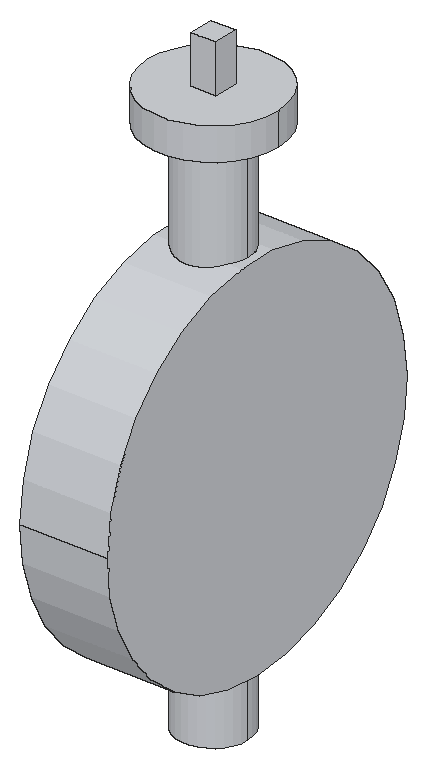
Revit family "HS497-68_disk-nerez_volné vřeteno DN200-RFA_2018", category Pipe Accessories, Revit 2018
Family settings
  Round Connector Dimension = Use Diameter
  Part Type = Valve - Breaks Into
  Work Plane-Based = No
  Always vertical = Yes
  Cut with Voids When Loaded = No
  Shared = No
Parameters (values of type "HS 497-68_DN200_PN16_volné vřeteno")
  magiProductId = "5b29029eaeba47139ee1055a4b9201"
  magiProductFamilyId = "53cea81e6f374d17b8841d9c72ad77"
  magiPartTypeId = 305
  isMeasuringValve [instance] = no
  ang2D [instance] = 0.00°
  X11 = 61.456 mm
  X1 = 25.456 mm
  W2D = 1000 mm
  VersionID = "2.0/2017.9.26.1/ZETKAMA_497_001"
  Use Minimum Symbol Size [instance] = yes
  URL = "http://www.hydronic.cz"
  Type Comments = "mezipřírubová; nerezový disk; PN16; -10~+110°C (krátkodobě +120°C)"
  SW30 = no
  SW3 = no
  SW21 = no
  SW20 = no
  SW2 = no
  SW1 = yes
  R = 100 mm
  QmdConnectorList = "301;D;302;D"
  Productdata [instance] = ""
  NC = 50 mm
  Manufacturer = "Hydronic Systems Prague s.r.o."
  MM20 = 25.456 mm
  MC Product Code = "124 200 (nerezový disk, s volným vřetenem; DN200; PN16, kvs2675)"
  M41 = 66 mm
  M4 = 44 mm
  LHL = 220 mm
  LHH3 = 2.45 mm
  LHH1 = 46.55 mm
  LH1 = 73.333 mm
  L4R__ve = -L4R  # -12.8 mm
  L4R = 12.8 mm
  L42__ve = -L42  # -96 mm
  L42 = 96 mm
  L41__ve = -L41  # -19.2 mm
  L41 = 19.2 mm
  L2D_Min = 3048 mm
  L2D = 216 mm
  L2 = 30 mm
  L1 = 48 mm
  L = 60 mm
  H = 33 mm
  G22 = 11.25 mm
  G2 = 22.5 mm
  G1 = 90 mm
  G = 90 mm
  F = 17 mm
  E44 = 31.25 mm
  E42 = 62.5 mm
  E4 = 125 mm
  E23 = 4.9 mm
  E22 = 19.6 mm
  E21 = 9.8 mm
  Description = "Mezipřírubová uzavírací klapka s volným vřetenem; nerezový disk, DN200; PN16; kvs2675"
  DR2 = 100 mm
  DR = 257 mm
  DD1 = 15.625 mm
  DD = 12.5 mm
  D = 200 mm
  CAT0 = yes
  B2__ve = -B2  # -70 mm
  B2 = 70 mm
  A2 = 22.5 mm
  A1 = 102.5 mm
Types (43, lengths in mm): name | magiProductId | X11 | X1 | Type Comments | SW30 | SW3 | SW20 | SW2 | SW1 | R | NC | Manufacturer | MM20 | MC Product Code | M41 | M4 | LHL | LHH3 | LHH1 | LH1 | L4R__ve | L4R | L42__ve | L42 | L41__ve | L41 | L2 | L1 | L | H | G | F | E44 | E42 | E4 | E23 | E22 | E21 | Description | DR2 | DR | DD1 | DD | D | B2__ve | B2 | A2 | A1
  HS 497-68_DN100_PN16_volné vřeteno | "65d1b245f4f142c78569c0602d5754" | 61.456 | 25.456 | "mezipřírubová; nerezový disk; PN16; -10~+110°C (krátkodobě +120°C)" | no | no | no | no | yes | 50 | 50 | "Hydronic Systems Prague s.r.o." | 25.456 | "124 100 (nerezový disk, s volným vřetenem; DN100; PN16, kvs512)" | 66 | 44 | 220 | 2.45 | 46.55 | 73.333 | -12.8 | 12.8 | -96 | 96 | -19.2 | 19.2 | 26 | 41.6 | 52 | 30 | 90 | 11 | 31.25 | 62.5 | 125 | 4.9 | 19.6 | 9.8 | "Mezipřírubová uzavírací klapka s volným vřetenem; nerezový disk, DN100; PN16; kvs512" | 50 | 147 | 15.625 | 12.5 | 100 | -56 | 56 | 16.5 | 98.5
  HS 497-68_DN100_PN16_převodové kolo | "11e91b807e674d428c8e796fcdcfe2" | 61.456 | 25.456 | "mezipřírubová; nerezový disk; PN16; -10~+110°C (krátkodobě +120°C)" | yes | yes | no | no | no | 50 | 50 | "Hydronic Systems Prague s.r.o." | 25.456 | "126 100 (nerezový disk, s převodovým kolem; DN100; PN16, kvs512)" | 65.25 | 43.5 | 220 | 2.45 | 46.55 | 73.333 | -12.8 | 12.8 | -96 | 96 | -19.2 | 19.2 | 26 | 41.6 | 52 | 30 | 90 | 11 | 31.25 | 62.5 | 125 | 4.9 | 19.6 | 9.8 | "Mezipřírubová uzavírací klapka s převodovým kolem; nerezový disk, DN100; PN16; kvs512" | 50 | 147 | 15.625 | 12.5 | 100 | -56 | 56 | 16.5 | 98.5
  HS 497-68_DN100_PN16_s pákou | "28172f0b3f4b47b28323ac71cf8749" | 61.456 | 25.456 | "mezipřírubová; nerezový disk; PN16; -10~+110°C (krátkodobě +120°C)" | no | no | yes | yes | no | 50 | 50 | "Hydronic Systems Prague s.r.o." | 25.456 | "121 100 (nerezový disk, s pákou; DN100; PN16, kvs512)" | 66 | 44 | 260 | 3 | 57 | 86.667 | -12.8 | 12.8 | -96 | 96 | -19.2 | 19.2 | 26 | 41.6 | 52 | 30 | 90 | 11 | 31.25 | 62.5 | 125 | 6 | 24 | 12 | "Mezipřírubová uzavírací klapka s pákou; nerezový disk, DN100; PN16; kvs512" | 50 | 147 | 15.625 | 12.5 | 100 | -56 | 56 | 16.5 | 98.5
  HS 497-68_DN125_PN16_volné vřeteno | "0d813d910fc14f628bb3c2efbd185c" | 61.456 | 25.456 | "mezipřírubová; nerezový disk; PN16; -10~+110°C (krátkodobě +120°C)" | no | no | no | no | yes | 62.5 | 50 | "Hydronic Systems Prague s.r.o." | 25.456 | "124 125 (nerezový disk, s volným vřetenem; DN125; PN16, kvs872)" | 66 | 44 | 220 | 2.45 | 46.55 | 73.333 | -12.8 | 12.8 | -96 | 96 | -19.2 | 19.2 | 28 | 44.8 | 56 | 33 | 90 | 14 | 31.25 | 62.5 | 125 | 4.9 | 19.6 | 9.8 | "Mezipřírubová uzavírací klapka s volným vřetenem; nerezový disk, DN125; PN16; kvs872" | 62.5 | 180 | 15.625 | 12.5 | 125 | -64 | 64 | 18 | 99.5
  HS 497-68_DN125_PN16_převodové kolo | "c56b7c13f372467684996fb1e0e229" | 61.456 | 25.456 | "mezipřírubová; nerezový disk; PN16; -10~+110°C (krátkodobě +120°C)" | yes | yes | no | no | no | 62.5 | 50 | "Hydronic Systems Prague s.r.o." | 25.456 | "126125 (nerezový disk, s převodovým kolem; DN125; PN16, kvs872)" | 65.25 | 43.5 | 220 | 2.45 | 46.55 | 73.333 | -13.5 | 13.5 | -101.25 | 101.25 | -20.25 | 20.25 | 28 | 44.8 | 56 | 33 | 90 | 14 | 40 | 80 | 160 | 4.9 | 19.6 | 9.8 | "Mezipřírubová uzavírací klapka s převodovým kolem; nerezový disk, DN125; PN16; kvs872" | 62.5 | 180 | 20 | 16 | 125 | -64 | 64 | 18 | 99.5
  HS 497-68_DN125_PN16_s pákou | "105993c79a91492399feef7931321a" | 61.456 | 25.456 | "mezipřírubová; nerezový disk; PN16; -10~+110°C (krátkodobě +120°C)" | no | no | yes | yes | no | 62.5 | 50 | "Hydronic Systems Prague s.r.o." | 25.456 | "121 125 (nerezový disk, s pákou; DN125; PN16, kvs872)" | 66 | 44 | 315 | 3.75 | 71.25 | 105 | -12.8 | 12.8 | -96 | 96 | -19.2 | 19.2 | 28 | 44.8 | 56 | 33 | 90 | 14 | 31.25 | 62.5 | 125 | 7.5 | 30 | 15 | "Mezipřírubová uzavírací klapka s pákou; nerezový disk, DN125; PN16; kvs872" | 62.5 | 180 | 15.625 | 12.5 | 125 | -64 | 64 | 18 | 99.5
  HS 497-68_DN150_PN16_volné vřeteno | "50c80cb8ab434f55ab7796e5ac1331" | 61.456 | 25.456 | "mezipřírubová; nerezový disk; PN16; -10~+110°C (krátkodobě +120°C)" | no | no | no | no | yes | 75 | 50 | "Hydronic Systems Prague s.r.o." | 25.456 | "124 150 (nerezový disk, s volným vřetenem; DN150; PN16, kvs1347)" | 66 | 44 | 220 | 2.45 | 46.55 | 73.333 | -12.8 | 12.8 | -96 | 96 | -19.2 | 19.2 | 28 | 44.8 | 56 | 33 | 90 | 14 | 31.25 | 62.5 | 125 | 4.9 | 19.6 | 9.8 | "Mezipřírubová uzavírací klapka s volným vřetenem; nerezový disk, DN150; PN16; kvs1347" | 75 | 206 | 15.625 | 12.5 | 150 | -58 | 58 | 19.3 | 98.7
  HS 497-68_DN150_PN16_převodové kolo | "d94a1a0cf83b476eb10011b327f709" | 61.456 | 25.456 | "mezipřírubová; nerezový disk; PN16; -10~+110°C (krátkodobě +120°C)" | yes | yes | no | no | no | 75 | 50 | "Hydronic Systems Prague s.r.o." | 25.456 | "126 150 (nerezový disk, s převodovým kolem; DN150; PN16, kvs1347)" | 65.25 | 43.5 | 220 | 2.45 | 46.55 | 73.333 | -13.5 | 13.5 | -101.25 | 101.25 | -20.25 | 20.25 | 28 | 44.8 | 56 | 33 | 90 | 14 | 40 | 80 | 160 | 4.9 | 19.6 | 9.8 | "Mezipřírubová uzavírací klapka s převodovým kolem; nerezový disk, DN150; PN16; kvs1347" | 75 | 206 | 20 | 16 | 150 | -58 | 58 | 19.3 | 98.7
  HS 497-68_DN150_PN16_s pákou | "4d2835523fe84828bc50ff0a5a0dfb" | 61.456 | 25.456 | "mezipřírubová; nerezový disk; PN16; -10~+110°C (krátkodobě +120°C)" | no | no | yes | yes | no | 75 | 50 | "Hydronic Systems Prague s.r.o." | 25.456 | "121 150 (nerezový disk, s pákou; DN150; PN16, kvs1347)" | 66 | 44 | 315 | 3.75 | 71.25 | 105 | -12.8 | 12.8 | -96 | 96 | -19.2 | 19.2 | 28 | 44.8 | 56 | 33 | 90 | 14 | 31.25 | 62.5 | 125 | 7.5 | 30 | 15 | "Mezipřírubová uzavírací klapka s pákou; nerezový disk, DN150; PN16; kvs1347" | 75 | 206 | 15.625 | 12.5 | 150 | -58 | 58 | 19.3 | 98.7
  HS 497-68_DN200_PN16_volné vřeteno | "5b29029eaeba47139ee1055a4b9201" | 61.456 | 25.456 | "mezipřírubová; nerezový disk; PN16; -10~+110°C (krátkodobě +120°C)" | no | no | no | no | yes | 100 | 50 | "Hydronic Systems Prague s.r.o." | 25.456 | "124 200 (nerezový disk, s volným vřetenem; DN200; PN16, kvs2675)" | 66 | 44 | 220 | 2.45 | 46.55 | 73.333 | -12.8 | 12.8 | -96 | 96 | -19.2 | 19.2 | 30 | 48 | 60 | 33 | 90 | 17 | 31.25 | 62.5 | 125 | 4.9 | 19.6 | 9.8 | "Mezipřírubová uzavírací klapka s volným vřetenem; nerezový disk, DN200; PN16; kvs2675" | 100 | 257 | 15.625 | 12.5 | 200 | -70 | 70 | 22.5 | 102.5
  HS 497-68_DN200_PN16_převodové kolo | "b2793cc1fcc44cf2a35062cd67c04f" | 61.456 | 25.456 | "mezipřírubová; nerezový disk; PN16; -10~+110°C (krátkodobě +120°C)" | yes | yes | no | no | no | 100 | 57 | "Hydronic Systems Prague s.r.o." | 25.456 | "126 200 (nerezový disk, s převodovým kolem; DN200; PN16, kvs2675)" | 78.75 | 52.5 | 220 | 2.45 | 46.55 | 73.333 | -15.2 | 15.2 | -114 | 114 | -22.8 | 22.8 | 30 | 48 | 60 | 33 | 90 | 17 | 50 | 100 | 200 | 4.9 | 19.6 | 9.8 | "Mezipřírubová uzavírací klapka s převodovým kolem; nerezový disk, DN200; PN16; kvs2675" | 100 | 257 | 25 | 20 | 200 | -70 | 70 | 22.5 | 102.5
  HS 497-68_DN200_PN16_s pákou | "f88d96c7af224537a51e72d7d8fffe" | 61.456 | 25.456 | "mezipřírubová; nerezový disk; PN16; -10~+110°C (krátkodobě +120°C)" | no | no | yes | yes | no | 100 | 50 | "Hydronic Systems Prague s.r.o." | 25.456 | "121 200 (nerezový disk, s pákou; DN200; PN16, kvs2675)" | 66 | 44 | 315 | 3.75 | 71.25 | 105 | -12.8 | 12.8 | -96 | 96 | -19.2 | 19.2 | 30 | 48 | 60 | 33 | 90 | 17 | 31.25 | 62.5 | 125 | 7.5 | 30 | 15 | "Mezipřírubová uzavírací klapka s pákou; nerezový disk, DN200; PN16; kvs2675" | 100 | 257 | 15.625 | 12.5 | 200 | -70 | 70 | 22.5 | 102.5
  HS 497-68_DN250_PN16_volné vřeteno | "b662e8305ca2402b9c510e66e6aa55" | 88.77 | 36.77 | "mezipřírubová; nerezový disk; PN16; -10~+110°C (krátkodobě +120°C)" | no | no | no | no | yes | 125 | 50 | "Hydronic Systems Prague s.r.o." | 36.77 | "124 250 (nerezový disk, s volným vřetenem; DN250; PN16, kvs4555)" | 66 | 44 | 220 | 2.45 | 46.55 | 73.333 | -12.8 | 12.8 | -96 | 96 | -19.2 | 19.2 | 34 | 54.4 | 68 | 23 | 130 | 22 | 31.25 | 62.5 | 125 | 4.9 | 19.6 | 9.8 | "Mezipřírubová uzavírací klapka s volným vřetenem; nerezový disk, DN250; PN16; kvs4555" | 125 | 324 | 15.625 | 12.5 | 250 | -85 | 85 | 28.25 | 129.25
  HS 497-68_DN250_PN16_převodové kolo | "5ee9016806664ddfaa2632711f295c" | 88.77 | 36.77 | "mezipřírubová; nerezový disk; PN16; -10~+110°C (krátkodobě +120°C)" | yes | yes | no | no | no | 125 | 70 | "Hydronic Systems Prague s.r.o." | 36.77 | "126 250 (nerezový disk, s převodovým kolem; DN250; PN16, kvs4555)" | 91.5 | 61 | 220 | 2.45 | 46.55 | 73.333 | -22.2 | 22.2 | -166.5 | 166.5 | -33.3 | 33.3 | 34 | 54.4 | 68 | 23 | 130 | 22 | 62.5 | 125 | 250 | 4.9 | 19.6 | 9.8 | "Mezipřírubová uzavírací klapka s převodovým kolem; nerezový disk, DN250; PN16; kvs4555" | 125 | 324 | 31.25 | 25 | 250 | -85 | 85 | 28.25 | 129.25
  HS 497-68_DN300_PN16_volné vřeteno | "e1886f51ff004380a649519258edf2" | 88.77 | 36.77 | "mezipřírubová; nerezový disk; PN16; -10~+110°C (krátkodobě +120°C)" | no | no | no | no | yes | 150 | 50 | "Hydronic Systems Prague s.r.o." | 36.77 | "124 300 (nerezový disk, s volným vřetenem; DN300; PN16, kvs7037)" | 66 | 44 | 220 | 2.45 | 46.55 | 73.333 | -12.8 | 12.8 | -96 | 96 | -19.2 | 19.2 | 39 | 62.4 | 78 | 23 | 130 | 22 | 31.25 | 62.5 | 125 | 4.9 | 19.6 | 9.8 | "Mezipřírubová uzavírací klapka s volným vřetenem; nerezový disk, DN300; PN16; kvs7037" | 150 | 376 | 15.625 | 12.5 | 300 | -90 | 90 | 30.8 | 127.2
  HS 497-68_DN300_PN16_převodové kolo | "6860f094f77d42088fbebc3c97f755" | 88.77 | 36.77 | "mezipřírubová; nerezový disk; PN16; -10~+110°C (krátkodobě +120°C)" | yes | yes | no | no | no | 150 | 70 | "Hydronic Systems Prague s.r.o." | 36.77 | "126 300 (nerezový disk, s převodovým kolem; DN300; PN16, kvs7037)" | 91.5 | 61 | 220 | 2.45 | 46.55 | 73.333 | -22.2 | 22.2 | -166.5 | 166.5 | -33.3 | 33.3 | 39 | 62.4 | 78 | 23 | 130 | 22 | 62.5 | 125 | 250 | 4.9 | 19.6 | 9.8 | "Mezipřírubová uzavírací klapka s převodovým kolem; nerezový disk, DN300; PN16; kvs7037" | 150 | 376 | 31.25 | 25 | 300 | -90 | 90 | 30.8 | 127.2
  HS 497-68_DN032_PN16_volné vřeteno | "8c5f65de52aa4067a77564107e31b2" | 61.456 | 25.456 | "mezipřírubová; nerezový disk; PN16; -10~+110°C (krátkodobě +120°C)" | no | no | no | no | yes | 16 | 50 | "Hydronic Systems Prague s.r.o." | 25.456 | "124 032 (nerezový disk, s volným vřetenem; DN32; PN16, kvs78)" | 66 | 44 | 220 | 2.45 | 46.55 | 73.333 | -12.8 | 12.8 | -96 | 96 | -19.2 | 19.2 | 16.5 | 26.4 | 33 | 30 | 90 | 11 | 31.25 | 62.5 | 125 | 4.9 | 19.6 | 9.8 | "Mezipřírubová uzavírací klapka s volným vřetenem; nerezový disk, DN32; PN16; kvs78" | 16 | 68 | 15.625 | 12.5 | 32 | -44.2 | 44.2 | 10.25 | 76.25
  HS 497-68_DN032_PN16_převodové kolo | "60aaeffa8b3a4e809ef000e4660060" | 61.456 | 25.456 | "mezipřírubová; nerezový disk; PN16; -10~+110°C (krátkodobě +120°C)" | yes | yes | no | no | no | 16 | 50 | "Hydronic Systems Prague s.r.o." | 25.456 | "126 032 (nerezový disk, s převodovým kolem; DN32; PN16, kvs78)" | 65.25 | 43.5 | 220 | 2.45 | 46.55 | 73.333 | -12.8 | 12.8 | -96 | 96 | -19.2 | 19.2 | 16.5 | 26.4 | 33 | 30 | 90 | 11 | 31.25 | 62.5 | 125 | 4.9 | 19.6 | 9.8 | "Mezipřírubová uzavírací klapka s převodovým kolem; nerezový disk, DN32; PN16; kvs78" | 16 | 68 | 15.625 | 12.5 | 32 | -44.2 | 44.2 | 10.25 | 76.25
  HS 497-68_DN032_PN16_s pákou | "9ad8088d610749a1b871aa2aad8007" | 61.456 | 25.456 | "mezipřírubová; nerezový disk; PN16; -10~+110°C (krátkodobě +120°C)" | no | no | yes | yes | no | 16 | 50 | "Hydronic Systems Prague s.r.o." | 25.456 | "121 032 (nerezový disk, s pákou; DN32; PN16, kvs78)" | 66 | 44 | 220 | 2.45 | 46.55 | 73.333 | -12.8 | 12.8 | -96 | 96 | -19.2 | 19.2 | 16.5 | 26.4 | 33 | 30 | 90 | 11 | 31.25 | 62.5 | 125 | 4.9 | 19.6 | 9.8 | "Mezipřírubová uzavírací klapka s pákou; nerezový disk, DN32; PN16; kvs78" | 16 | 68 | 15.625 | 12.5 | 32 | -44.2 | 44.2 | 10.25 | 76.25
  HS 497-68_DN350_PN10_volné vřeteno | "72a1e05f22944421b7e9596a877137" | 109.255 | 45.255 | "mezipřírubová; nerezový disk; PN10; -10~+110°C (krátkodobě +120°C)" | no | no | no | no | yes | 175 | 50 | "Hydronic Systems Prague s.r.o." | 45.255 | "124 350 (nerezový disk, s volným vřetenem; DN350; PN10, kvs10165)" | 66 | 44 | 220 | 2.45 | 46.55 | 73.333 | -12.8 | 12.8 | -96 | 96 | -19.2 | 19.2 | 39 | 62.4 | 78 | 31 | 160 | 22 | 31.25 | 62.5 | 125 | 4.9 | 19.6 | 9.8 | "Mezipřírubová uzavírací klapka s volným vřetenem; nerezový disk, DN350; PN10; kvs10165" | 175 | 430 | 15.625 | 12.5 | 350 | -88 | 88 | 33.85 | 129.65
  HS 497-68_DN350_PN10_převodové kolo | "a5a01426cb28494ba3afca92f1dace" | 109.255 | 45.255 | "mezipřírubová; nerezový disk; PN10; -10~+110°C (krátkodobě +120°C)" | yes | yes | no | no | no | 175 | 70 | "Hydronic Systems Prague s.r.o." | 45.255 | "126 350 (nerezový disk, s převodovým kolem; DN350; PN10, kvs10165)" | 91.5 | 61 | 220 | 2.45 | 46.55 | 73.333 | -22.2 | 22.2 | -166.5 | 166.5 | -33.3 | 33.3 | 39 | 62.4 | 78 | 31 | 160 | 22 | 62.5 | 125 | 250 | 4.9 | 19.6 | 9.8 | "Mezipřírubová uzavírací klapka s převodovým kolem; nerezový disk, DN350; PN10; kvs10165" | 175 | 430 | 31.25 | 25 | 350 | -88 | 88 | 33.85 | 129.65
  HS 497-68_DN400_PN10_volné vřeteno | "c70ebeb927c04ab99b176e257ad0a7" | 109.255 | 45.255 | "mezipřírubová; nerezový disk; PN10; -10~+110°C (krátkodobě +120°C)" | no | no | no | no | yes | 200 | 50 | "Hydronic Systems Prague s.r.o." | 45.255 | "124 400 (nerezový disk, s volným vřetenem; DN400; PN10, kvs13799)" | 66 | 44 | 220 | 2.45 | 46.55 | 73.333 | -12.8 | 12.8 | -96 | 96 | -19.2 | 19.2 | 51 | 81.6 | 102 | 31 | 160 | 27 | 31.25 | 62.5 | 125 | 4.9 | 19.6 | 9.8 | "Mezipřírubová uzavírací klapka s volným vřetenem; nerezový disk, DN400; PN10; kvs13799" | 200 | 485 | 15.625 | 12.5 | 400 | -108 | 108 | 38 | 142
  HS 497-68_DN400_PN10_převodové kolo | "cc64a4384dcb41b780d81810f4f293" | 109.255 | 45.255 | "mezipřírubová; nerezový disk; PN10; -10~+110°C (krátkodobě +120°C)" | yes | yes | no | no | no | 200 | 72.5 | "Hydronic Systems Prague s.r.o." | 45.255 | "126 400 (nerezový disk, s převodovým kolem; DN400; PN10, kvs13799)" | 103.5 | 69 | 220 | 2.45 | 46.55 | 73.333 | -27.8 | 27.8 | -208.5 | 208.5 | -41.7 | 41.7 | 51 | 81.6 | 102 | 31 | 160 | 27 | 75 | 150 | 300 | 4.9 | 19.6 | 9.8 | "Mezipřírubová uzavírací klapka s převodovým kolem; nerezový disk, DN400; PN10; kvs13799" | 200 | 485 | 37.5 | 30 | 400 | -108 | 108 | 38 | 142
  HS 497-68_DN040_PN16_volné vřeteno | "35f92312390745e88df5b5c325d9ee" | 61.456 | 25.456 | "mezipřírubová; nerezový disk; PN16; -10~+110°C (krátkodobě +120°C)" | no | no | no | no | yes | 20 | 50 | "Hydronic Systems Prague s.r.o." | 25.456 | "124 040 (nerezový disk, s volným vřetenem; DN40; PN16, kvs78)" | 66 | 44 | 220 | 2.45 | 46.55 | 73.333 | -12.8 | 12.8 | -96 | 96 | -19.2 | 19.2 | 16.5 | 26.4 | 33 | 30 | 90 | 11 | 31.25 | 62.5 | 125 | 4.9 | 19.6 | 9.8 | "Mezipřírubová uzavírací klapka s volným vřetenem; nerezový disk, DN40; PN16; kvs78" | 20 | 76 | 15.625 | 12.5 | 40 | -36 | 36 | 11 | 79
  HS 497-68_DN040_PN16_převodové kolo | "d88e968eae3445bc9b7b4e6ff35127" | 61.456 | 25.456 | "mezipřírubová; nerezový disk; PN16; -10~+110°C (krátkodobě +120°C)" | yes | yes | no | no | no | 20 | 50 | "Hydronic Systems Prague s.r.o." | 25.456 | "126 040 (nerezový disk, s převodovým kolem; DN40; PN16, kvs78)" | 65.25 | 43.5 | 220 | 2.45 | 46.55 | 73.333 | -12.8 | 12.8 | -96 | 96 | -19.2 | 19.2 | 16.5 | 26.4 | 33 | 30 | 90 | 11 | 31.25 | 62.5 | 125 | 4.9 | 19.6 | 9.8 | "Mezipřírubová uzavírací klapka s převodovým kolem; nerezový disk, DN40; PN16; kvs78" | 20 | 76 | 15.625 | 12.5 | 40 | -36 | 36 | 11 | 79
  HS 497-68_DN040_PN16_s pákou | "c1b522ca65b4407a98818f232eaacb" | 61.456 | 25.456 | "mezipřírubová; nerezový disk; PN16; -10~+110°C (krátkodobě +120°C)" | no | no | yes | yes | no | 20 | 50 | "Hydronic Systems Prague s.r.o." | 25.456 | "121 040 (nerezový disk, s pákou; DN40; PN16, kvs78)" | 66 | 44 | 220 | 2.45 | 46.55 | 73.333 | -12.8 | 12.8 | -96 | 96 | -19.2 | 19.2 | 16.5 | 26.4 | 33 | 30 | 90 | 11 | 31.25 | 62.5 | 125 | 4.9 | 19.6 | 9.8 | "Mezipřírubová uzavírací klapka s pákou; nerezový disk, DN40; PN16; kvs78" | 20 | 76 | 15.625 | 12.5 | 40 | -36 | 36 | 11 | 79
  HS 497-68_DN450_PN10_volné vřeteno | "a8358bc282f14872b3194e530e590a" | 129.74 | 53.74 | "mezipřírubová; nerezový disk; PN10; -10~+110°C (krátkodobě +120°C)" | no | no | no | no | yes | 225 | 50 | "Hydronic Systems Prague s.r.o." | 53.74 | "124 450 (nerezový disk, s volným vřetenem; DN450; PN10, kvs18514)" | 66 | 44 | 220 | 2.45 | 46.55 | 73.333 | -12.8 | 12.8 | -96 | 96 | -19.2 | 19.2 | 57 | 91.2 | 114 | 38 | 190 | 36 | 31.25 | 62.5 | 125 | 4.9 | 19.6 | 9.8 | "Mezipřírubová uzavírací klapka s volným vřetenem; nerezový, DN450; PN10; kvs18514" | 225 | 536 | 15.625 | 12.5 | 450 | -115 | 115 | 38.05 | 117.45
  HS 497-68_DN450_PN10_převodové kolo | "cdf2d80f54a9414f9cbe50647c0ebd" | 129.74 | 53.74 | "mezipřírubová; nerezový disk; PN10; -10~+110°C (krátkodobě +120°C)" | yes | yes | no | no | no | 225 | 91.5 | "Zetkama" | 53.74 | "126 450 (nerezový disk, s převodovým kolem; DN450; PN10, kvs18514)" | 144.75 | 96.5 | 220 | 2.45 | 46.55 | 73.333 | -32.1 | 32.1 | -240.75 | 240.75 | -48.15 | 48.15 | 57 | 91.2 | 114 | 38 | 190 | 36 | 100 | 200 | 400 | 4.9 | 19.6 | 9.8 | "Mezipřírubová uzavírací klapka s převodovým kolem; nerezový disk, DN450; PN10; kvs18514" | 225 | 536 | 50 | 40 | 450 | -115 | 115 | 38.05 | 117.45
  HS 497-68_DN500_PN10_volné vřeteno | "8c396e27bb2743f98f3c762b6517cd" | 143.397 | 59.397 | "mezipřírubová; nerezový disk; PN10; -10~+110°C (krátkodobě +120°C)" | no | no | no | no | yes | 250 | 50 | "Hydronic Systems Prague s.r.o." | 59.397 | "124 500 (nerezový disk, s volným vřetenem; DN500; PN10, kvs23805)" | 66 | 44 | 220 | 2.45 | 46.55 | 73.333 | -12.8 | 12.8 | -96 | 96 | -19.2 | 19.2 | 63.5 | 101.6 | 127 | 38 | 210 | 36 | 31.25 | 62.5 | 125 | 4.9 | 19.6 | 9.8 | "Mezipřírubová uzavírací klapka s volným vřetenem; nerezový disk, DN500; PN10; kvs23805" | 250 | 593 | 15.625 | 12.5 | 500 | -130 | 130 | 43.25 | 139.25
  HS 497-68_DN500_PN10_převodové kolo | "7647804f32e94cef828a7034a91a46" | 143.397 | 59.397 | "mezipřírubová; nerezový disk; PN10; -10~+110°C (krátkodobě +120°C)" | yes | yes | no | no | no | 250 | 91.5 | "Zetkama" | 59.397 | "126 500 (nerezový disk, s převodovým kolem; DN500; PN10, kvs23805)" | 144.75 | 96.5 | 220 | 2.45 | 46.55 | 73.333 | -32.1 | 32.1 | -240.75 | 240.75 | -48.15 | 48.15 | 63.5 | 101.6 | 127 | 38 | 210 | 36 | 100 | 200 | 400 | 4.9 | 19.6 | 9.8 | "Mezipřírubová uzavírací klapka s převodovým kolem; nerezový disk, DN500; PN10; kvs23805" | 250 | 593 | 50 | 40 | 500 | -130 | 130 | 43.25 | 139.25
  HS 497-68_DN050_volné vřeteno | "d71f296ecd6d4adf8f6e5d9853b4e0" | 61.456 | 25.456 | "mezipřírubová; nerezový disk; PN16; -10~+110°C (krátkodobě +120°C)" | no | no | no | no | yes | 25 | 50 | "Hydronic Systems Prague s.r.o." | 25.456 | "124 050 (nerezový disk, s volným vřetenem; DN50; PN16, kvs98)" | 66 | 44 | 220 | 2.45 | 46.55 | 73.333 | -12.8 | 12.8 | -96 | 96 | -19.2 | 19.2 | 21.5 | 34.4 | 43 | 30 | 90 | 11 | 31.25 | 62.5 | 125 | 4.9 | 19.6 | 9.8 | "Mezipřírubová uzavírací klapka s volným vřetenem; nerezový disk, DN50; PN16; kvs98" | 25 | 100 | 15.625 | 12.5 | 50 | -36.5 | 36.5 | 12 | 83
  HS 497-68_DN050_PN16_převodové kolo | "2fb080deeaed49c58418b94c1da5a4" | 61.456 | 25.456 | "mezipřírubová; nerezový disk; PN16; -10~+110°C (krátkodobě +120°C)" | yes | yes | no | no | no | 25 | 50 | "Hydronic Systems Prague s.r.o." | 25.456 | "126 050 (nerezový disk, s převodovým kolem; DN50; PN16, kvs98)" | 65.25 | 43.5 | 220 | 2.45 | 46.55 | 73.333 | -12.8 | 12.8 | -96 | 96 | -19.2 | 19.2 | 21.5 | 34.4 | 43 | 30 | 90 | 11 | 31.25 | 62.5 | 125 | 4.9 | 19.6 | 9.8 | "Mezipřírubová uzavírací klapka s převodovým kolem; nerezový disk, DN50; PN16; kvs98" | 25 | 100 | 15.625 | 12.5 | 50 | -36.5 | 36.5 | 12 | 83
  HS 497-68_DN050_PN16_s pákou | "dabc632061f94877a994b9b4e68112" | 61.456 | 25.456 | "mezipřírubová; nerezový disk; PN16; -10~+110°C (krátkodobě +120°C)" | no | no | yes | yes | no | 25 | 50 | "Hydronic Systems Prague s.r.o." | 25.456 | "121 050 (nerezový disk, s pákou; DN50; PN16, kvs98)" | 66 | 44 | 220 | 2.45 | 46.55 | 73.333 | -12.8 | 12.8 | -96 | 96 | -19.2 | 19.2 | 21.5 | 34.4 | 43 | 30 | 90 | 11 | 31.25 | 62.5 | 125 | 4.9 | 19.6 | 9.8 | "Mezipřírubová uzavírací klapka s pákou; nerezový disk, DN50; PN16; kvs98" | 25 | 100 | 15.625 | 12.5 | 50 | -36.5 | 36.5 | 12 | 83
  HS 497-68_DN600_PN10_volné vřeteno | "99d5892c14664fce81a7c5903f7711" | 143.397 | 59.397 | "mezipřírubová; nerezový disk; PN10; -10~+110°C (krátkodobě +120°C)" | no | no | no | no | yes | 300 | 50 | "Hydronic Systems Prague s.r.o." | 59.397 | "124 600 (nerezový disk, s volným vřetenem; DN600; PN10, kvs36778)" | 66 | 44 | 220 | 2.45 | 46.55 | 73.333 | -12.8 | 12.8 | -96 | 96 | -19.2 | 19.2 | 77 | 123.2 | 154 | 80 | 210 | 60 | 31.25 | 62.5 | 125 | 4.9 | 19.6 | 9.8 | "Mezipřírubová uzavírací klapka s volným vřetenem; nerezový disk, DN600; PN10; kvs36788" | 300 | 690 | 15.625 | 12.5 | 600 | -140 | 140 | 49.4 | 144.6
  HS 497-68_DN600_PN10_převodové kolo | "b1e26faab48a4c499f6bb11e7e3002" | 143.397 | 59.397 | "mezipřírubová; lnerezový disk; PN10; -10~+110°C (krátkodobě +120°C)" | yes | yes | no | no | no | 300 | 140 | "Hydronic Systems Prague s.r.o." | 59.397 | "126 600 (nerezový disk, s převodovým kolem; DN600; PN10, kvs36778)" | 206.25 | 137.5 | 220 | 2.45 | 46.55 | 73.333 | -40.8 | 40.8 | -306 | 306 | -61.2 | 61.2 | 77 | 123.2 | 154 | 80 | 210 | 60 | 125 | 250 | 500 | 4.9 | 19.6 | 9.8 | "Mezipřírubová uzavírací klapka s převodovým kolem; nerezový disk, DN600; PN10; kvs36788" | 300 | 690 | 62.5 | 50 | 600 | -140 | 140 | 49.4 | 144.6
  HS 497-68_DN065_PN16_volné vřeteno | "5e5e208646e34ec29f889baab5d08e" | 61.456 | 25.456 | "mezipřírubová; lnerezový disk; PN16; -10~+110°C (krátkodobě +120°C)" | no | no | no | no | yes | 32.5 | 50 | "Hydronic Systems Prague s.r.o." | 25.456 | "124 065 (nerezový disk, s volným vřetenem; DN65; PN16, kvs167)" | 66 | 44 | 220 | 2.45 | 46.55 | 73.333 | -12.8 | 12.8 | -96 | 96 | -19.2 | 19.2 | 23 | 36.8 | 46 | 30 | 90 | 11 | 31.25 | 62.5 | 125 | 4.9 | 19.6 | 9.8 | "Mezipřírubová uzavírací klapka s volným vřetenem; nerezový disk, DN65; PN16; kv167" | 32.5 | 108 | 15.625 | 12.5 | 65 | -36.5 | 36.5 | 13.5 | 89
  HS 497-68_DN065_PN16_převodové kolo | "654d74c8d15540b0bfe523d988ccb3" | 61.456 | 25.456 | "mezipřírubová; nerezový disk; PN16; -10~+110°C (krátkodobě +120°C)" | yes | yes | no | no | no | 32.5 | 50 | "Hydronic Systems Prague s.r.o." | 25.456 | "126 065 (nerezový disk, s převodovým kolem; DN65; PN16, kvs167)" | 65.25 | 43.5 | 220 | 2.45 | 46.55 | 73.333 | -12.8 | 12.8 | -96 | 96 | -19.2 | 19.2 | 23 | 36.8 | 46 | 30 | 90 | 11 | 31.25 | 62.5 | 125 | 4.9 | 19.6 | 9.8 | "Mezipřírubová uzavírací klapka s převodovým kolem; nerezový disk, DN65; PN16; kvs167" | 32.5 | 108 | 15.625 | 12.5 | 65 | -36.5 | 36.5 | 13.5 | 89
  HS 497-68_DN065_PN16_s pákou | "ebeb4b59db0641caaf6d6635ab37b9" | 61.456 | 25.456 | "mezipřírubová; nerezový disk; PN16; -10~+110°C (krátkodobě +120°C)" | no | no | yes | yes | no | 32.5 | 50 | "Hydronic Systems Prague s.r.o." | 25.456 | "121 065 (nerezový disk, s pákou; DN65; PN16, kvs167)" | 66 | 44 | 220 | 2.45 | 46.55 | 73.333 | -12.8 | 12.8 | -96 | 96 | -19.2 | 19.2 | 23 | 36.8 | 46 | 30 | 90 | 11 | 31.25 | 62.5 | 125 | 4.9 | 19.6 | 9.8 | "Mezipřírubová uzavírací klapka s pákou; nerezový disk, DN65; PN16; kvs167" | 32.5 | 108 | 15.625 | 12.5 | 65 | -36.5 | 36.5 | 13.5 | 89
  HS 497-68_DN080_PN16_volné vřeteno | "9e85c75c18654e1185a9c48ed6b00e" | 61.456 | 25.456 | "mezipřírubová; nerezový disk; PN16; -10~+110°C (krátkodobě +120°C)" | no | no | no | no | yes | 40 | 50 | "Hydronic Systems Prague s.r.o." | 25.456 | "124 080 (nerezový disk, s volným vřetenem; DN80; PN16, kvs258)" | 66 | 44 | 220 | 2.45 | 46.55 | 73.333 | -12.8 | 12.8 | -96 | 96 | -19.2 | 19.2 | 23 | 36.8 | 46 | 30 | 90 | 11 | 31.25 | 62.5 | 125 | 4.9 | 19.6 | 9.8 | "Mezipřírubová uzavírací klapka s volným vřetenem; nerezový disk, DN80; PN16; kvs258" | 40 | 124 | 15.625 | 12.5 | 80 | -54 | 54 | 14.1 | 86.9
  HS 497-68_DN080_PN16_převodové kolo | "5b3c8238c3d041e68c75b199e7ea46" | 61.456 | 25.456 | "mezipřírubová; nerezový disk; PN16; -10~+110°C (krátkodobě +120°C)" | yes | yes | no | no | no | 40 | 50 | "Hydronic Systems Prague s.r.o." | 25.456 | "126 080 (nerezový disk, s převodovým kolem; DN80; PN16, kvs258)" | 65.25 | 43.5 | 220 | 2.45 | 46.55 | 73.333 | -12.8 | 12.8 | -96 | 96 | -19.2 | 19.2 | 23 | 36.8 | 46 | 30 | 90 | 11 | 31.25 | 62.5 | 125 | 4.9 | 19.6 | 9.8 | "Mezipřírubová uzavírací klapka s převodovým kolem; nerezový disk, DN80; PN16; kvs258" | 40 | 124 | 15.625 | 12.5 | 80 | -54 | 54 | 14.1 | 86.9
  HS 497-68_DN080_PN16_s pákou | "e414795fab0f4eccb99bc3572c5477" | 61.456 | 25.456 | "mezipřírubová; nerezový disk; PN16; -10~+110°C (krátkodobě +120°C)" | no | no | yes | yes | no | 40 | 50 | "Hydronic Systems Prague s.r.o." | 25.456 | "121 080 (nerezový disk, s pákou; DN80; PN16, kvs258)" | 66 | 44 | 260 | 3 | 57 | 86.667 | -12.8 | 12.8 | -96 | 96 | -19.2 | 19.2 | 23 | 36.8 | 46 | 30 | 90 | 11 | 31.25 | 62.5 | 125 | 6 | 24 | 12 | "Mezipřírubová uzavírací klapka s pákou; nerezový disk, DN80; PN16; kvs258" | 40 | 124 | 15.625 | 12.5 | 80 | -54 | 54 | 14.1 | 86.9
  HS 497-68_DN250_PN16_s pákou | "" | 88.77 | 36.77 | "mezipřírubová; nerezový disk; PN16; -10~+110°C (krátkodobě +120°C)" | no | no | yes | yes | no | 125 | 70 | "Hydronic Systems Prague s.r.o." | 36.77 | "121 250 (nerezový disk, s ákou; DN250; PN16, kvs4555)" | 91.5 | 61 | 220 | 2.45 | 46.55 | 73.333 | -22.2 | 22.2 | -166.5 | 166.5 | -33.3 | 33.3 | 34 | 54.4 | 68 | 23 | 130 | 22 | 62.5 | 125 | 250 | 4.9 | 19.6 | 9.8 | "Mezipřírubová uzavírací klapka s pákou; nerezový disk, DN250; PN16; kvs4555" | 125 | 324 | 31.25 | 25 | 250 | -85 | 85 | 28.25 | 129.25
  HS 497-68_DN300_PN16_s pákou | "" | 88.77 | 36.77 | "mezipřírubová; nerezový disk; PN16; -10~+110°C (krátkodobě +120°C)" | no | no | yes | yes | no | 150 | 70 | "Hydronic Systems Prague s.r.o." | 36.77 | "121 300 (nerezový disk, s pákou; DN300; PN16, kvs7037)" | 91.5 | 61 | 220 | 2.45 | 46.55 | 73.333 | -22.2 | 22.2 | -166.5 | 166.5 | -33.3 | 33.3 | 39 | 62.4 | 78 | 23 | 130 | 22 | 62.5 | 125 | 250 | 4.9 | 19.6 | 9.8 | "Mezipřírubová uzavírací klapka s pákou; nerezový disk, DN300; PN16; kvs7037" | 150 | 376 | 31.25 | 25 | 300 | -90 | 90 | 30.8 | 127.2
Reference planes
  plane 1 "Center (Front/Back)": y = 0
  plane 2 "XYPLANE": z = 0
  plane 3 "Center (Left/Right)": x = 0
  plane 4 "473": x = -25.456
  plane 5 "472": x = -66
  plane 6 "471": y = -25.456
  plane 7 "470": y = 25.456
  plane 8 "469": x = -44
  plane 9 "468": y = -115.2
  plane 10 "467": y = -96
  plane 11 "466": z = 256.25
  plane 12 "465": z = 271.55
  plane 13 "464": y = 145.417
  plane 14 "463": z = 261.75
  plane 15 "462": z = 244.6
  plane 16 "461": z = 254.4
  plane 17 "460": y = 72.083
  plane 18 "459": x = -11.25
  plane 19 "458": x = 11.25
  plane 20 "457": y = -6.25
  plane 21 "456": x = -17.5
  plane 22 "455": x = 17.5
  plane 23 "454": z = 259.3
  plane 24 "453": y = 62.083
  plane 25 "452": y = -11.25
  plane 26 "451": x = -22.5
  plane 27 "450": x = 22.5
  plane 28 "449": z = 239.7
  plane 29 "448": z = 234.8
  plane 30 "447": z = -100
  plane 31 "446": z = 225
  plane 32 "445": z = 202.5
  plane 33 "444": z = 100
  plane 34 "443": x = 30
  plane 35 "442": x = -30
  plane 36 "441": z = 0
  plane 37 "440": y = 0
  plane 38 "439": x = 0
  plane 39 "438": z = 274
  plane 40 "437": z = 259.3
  plane 41 "436": x = 13.7
  plane 42 "435": x = -13.7
  plane 43 "434": y = 220
Forms (mm)
  Extrusion 1, solid, visible <- "SW3"
    sketch origin (-750, 0, 225) x (1, 0, 0) y (0, 1, 0)
      loop
        line (684, 25.456) -> (684, -25.456) -> (724.544, -25.456)
        arc (724.544, -25.456) -> (786, 0) -> (724.544, 25.456) r 36
        line (724.544, 25.456) -> (684, 25.456)
    from 0 to 62.5 <- "E42"
  Extrusion 2, solid, visible <- "SW30"
    sketch origin (0, -750, 0) x (0, 1, 0) y (0, 0, 1)
      loop
        circle (750, 256.25) r 7.813
    from 0 to 50 <- "NC"
  Extrusion 3, solid, visible <- "SW30"
    sketch origin (750, -115.2, 0) x (-1, 0, 0) y (0, 0, 1)
      loop
        circle (794, 256.25) r 62.5
    from 0 to -12.8 <- "L4R__ve"
  Extrusion 4, solid, visible <- "SW3"
    sketch origin (750, -96, 0) x (-1, 0, 0) y (0, 0, 1)
      loop
        circle (794, 256.25) r 7.813
    from 0 to -19.2 <- "L41__ve"
  Extrusion 5, solid, visible <- "SW30"
    sketch origin (750, 0, 0) x (-1, 0, 0) y (0, 0, 1)
      loop
        circle (794, 256.25) r 6.25
    from 0 to -96 <- "L42__ve"
  Blend 6, solid, visible <- "SW21"
    base sketch origin (750, 72.083, 0) x (-1, 0, 0) y (0, 0, 1)
      loop
        line (761.25, 254.4) -> (738.75, 254.4) -> (738.75, 244.6) -> (761.25, 244.6) -> (761.25, 254.4)
    top sketch origin (750, 72.083, 0) x (-1, 0, 0) y (0, 0, 1)
      loop
        line (761.25, 271.55) -> (738.75, 271.55) -> (738.75, 261.75) -> (761.25, 261.75) -> (761.25, 271.55)
    from 0 to 73.333
  Blend 7, solid, visible <- "SW21"
    base sketch origin (750, 62.083, 0) x (-1, 0, 0) y (0, 0, 1)
      loop
        line (761.25, 259.3) -> (738.75, 259.3) -> (738.75, 239.7) -> (761.25, 239.7) -> (761.25, 259.3)
    top sketch origin (750, 62.083, 0) x (-1, 0, 0) y (0, 0, 1)
      loop
        line (761.25, 254.4) -> (738.75, 254.4) -> (738.75, 244.6) -> (761.25, 244.6) -> (761.25, 254.4)
    from 0 to 10
  Blend 8, solid, visible <- "SW21"
    base sketch origin (-750, 0, 239.7) x (1, 0, 0) y (0, 1, 0)
      loop
        line (772.5, 62.083) -> (727.5, 62.083) -> (727.5, -11.25)
        arc (727.5, -11.25) -> (750, -31.25) -> (772.5, -11.25) r 22.656
        line (772.5, -11.25) -> (772.5, 62.083)
    top sketch origin (-750, 0, 239.7) x (1, 0, 0) y (0, 1, 0)
      loop
        line (767.5, 62.083) -> (732.5, 62.083) -> (732.5, -6.25)
        arc (732.5, -6.25) -> (750, -26.25) -> (767.5, -6.25) r 17.656
        line (767.5, -6.25) -> (767.5, 62.083)
    from 0 to 19.6
  Extrusion 9, solid, visible <- "SW2"
    sketch origin (-750, 0, 234.8) x (1, 0, 0) y (0, 1, 0)
      loop
        circle (750, 0) r 11.25
    from 0 to 4.9 <- "E23"
  Extrusion 10, solid, visible <- "SW2"
    sketch origin (-750, 0, 225) x (1, 0, 0) y (0, 1, 0)
      loop
        circle (750, 0) r 45
    from 0 to 9.8 <- "E21"
  Extrusion 11, solid, visible <- "CAT0"
    sketch origin (-750, 0, -100) x (1, 0, 0) y (0, 1, 0)
      loop
        circle (750, 0) r 24
    from 0 to -70 <- "B2__ve"
  Extrusion 12, solid, visible <- "CAT0"
    sketch origin (-750, 0, 202.5) x (1, 0, 0) y (0, 1, 0)
      loop
        circle (750, 0) r 45
    from 0 to 22.5 <- "A2"
  Extrusion 13, solid, visible <- "CAT0"
    sketch origin (-750, 0, 100) x (1, 0, 0) y (0, 1, 0)
      loop
        circle (750, 0) r 24
    from 0 to 102.5 <- "A1"
  Extrusion 14, solid, visible <- "CAT0"
    sketch origin (-30, -750, 0) x (0, 1, 0) y (0, 0, 1)
      loop
        circle (750, 0) r 128.5
    from 0 to 60 <- "L"
  Extrusion 15, solid, visible <- "SW1"
    sketch origin (-750, 0, 225) x (1, 0, 0) y (0, 1, 0)
      loop
        line (758.5, 8.5) -> (741.5, 8.5) -> (741.5, -8.5) -> (758.5, -8.5) -> (758.5, 8.5)
    from 0 to 33 <- "H"
  Blend 16, solid, visible <- "SW2"
    base sketch origin (750, 145.417, 0) x (-1, 0, 0) y (0, 0, 1)
      loop
        arc (763.7, 269) -> (762.236, 272.536) -> (758.7, 274) r 5
        line (758.7, 274) -> (741.3, 274)
        arc (741.3, 274) -> (737.764, 272.536) -> (736.3, 269) r 5
        line (736.3, 269) -> (736.3, 264.3)
        arc (736.3, 264.3) -> (737.764, 260.764) -> (741.3, 259.3) r 5
        line (741.3, 259.3) -> (758.7, 259.3)
        arc (758.7, 259.3) -> (762.236, 260.764) -> (763.7, 264.3) r 5
        line (763.7, 264.3) -> (763.7, 269)
    top sketch origin (750, 145.417, 0) x (-1, 0, 0) y (0, 0, 1)
      loop
        arc (763.7, 269) -> (762.236, 272.536) -> (758.7, 274) r 5
        line (758.7, 274) -> (741.3, 274)
        arc (741.3, 274) -> (737.764, 272.536) -> (736.3, 269) r 5
        line (736.3, 269) -> (736.3, 264.3)
        arc (736.3, 264.3) -> (737.764, 260.764) -> (741.3, 259.3) r 5
        line (741.3, 259.3) -> (758.7, 259.3)
        arc (758.7, 259.3) -> (762.236, 260.764) -> (763.7, 264.3) r 5
        line (763.7, 264.3) -> (763.7, 269)
    from 0 to 74.583
  Blend 17, solid, visible <- "SW20"
    base sketch origin (750, 145.417, 0) x (-1, 0, 0) y (0, 0, 1)
      loop
        line (763.7, 274) -> (736.3, 274) -> (736.3, 259.3) -> (763.7, 259.3) -> (763.7, 274)
    top sketch origin (750, 145.417, 0) x (-1, 0, 0) y (0, 0, 1)
      loop
        line (761.25, 259.3) -> (738.75, 259.3) -> (738.75, 239.7) -> (761.25, 239.7) -> (761.25, 259.3)
    from 0 to -83.333
  Extrusion 18, solid, visible <- "SW20"
    sketch origin (-750, 0, 239.7) x (1, 0, 0) y (0, 1, 0)
      loop
        line (772.5, 62.083) -> (727.5, 62.083) -> (727.5, -11.25)
        arc (727.5, -11.25) -> (750, -31.25) -> (772.5, -11.25) r 22.656
        line (772.5, -11.25) -> (772.5, 62.083)
    from 0 to 19.6 <- "E22"
  Extrusion 19, solid, not visible
    sketch origin (-30, -750, 0) x (0, 1, 0) y (0, 0, 1)
      loop
        circle (750, 0) r 10
    from 0 to 10
  Extrusion 20, solid, not visible
    sketch origin (30, -750, 0) x (0, 1, 0) y (0, 0, 1)
      loop
        circle (750, 0) r 10
    from 0 to -10
Lines and regions (mm)
  reference lines, not visible
    curve 1: circle (2, 2, 0) r 1 normal (0, 0, 1)
  reference lines
    curve 2: line (-25.456, -25.456, 225) -> (-25.456, 25.456, 225)
    curve 3: line (-17.5, -6.25, 239.7) -> (17.5, -6.25, 239.7)
    curve 4: line (-22.5, -11.25, 239.7) -> (22.5, -11.25, 239.7)
    curve 5: circle (0, 0, 225) r 1 normal (0, 0, 1)
    curve 6: line (-22.5, -11.25, 239.7) -> (22.5, -11.25, 239.7)
Dimensions and locks
  plane 1 "Center (Front/Back)" to curve 1 = 2 mm
  "X1": plane 3 "Center (Left/Right)" to plane 4 "473"
  "M41": plane 3 "Center (Left/Right)" to plane 5 "472"
  "MM20": plane 1 "Center (Front/Back)" to plane 6 "471"
  "MM20": plane 1 "Center (Front/Back)" to plane 7 "470"
  "M4": plane 3 "Center (Left/Right)" to plane 8 "469"
  "L41": plane 10 "467" to plane 9 "468"
  "L42": plane 1 "Center (Front/Back)" to plane 10 "467"
  "E44": plane 31 "446" to plane 11 "466"
  "LHH1": plane 31 "446" to plane 12 "465"
  "LH1": plane 17 "460" to plane 13 "464"
  "E21": plane 12 "465" to plane 14 "463"
  "E21": plane 16 "461" to plane 15 "462"
  "E23": plane 23 "454" to plane 16 "461"
  locked: plane 24 "453" to plane 17 "460" at 10
  "G22": plane 3 "Center (Left/Right)" to plane 18 "459"
  "G22": plane 3 "Center (Left/Right)" to plane 19 "458"
  locked: plane 25 "452" to plane 20 "457" at 5
  locked: plane 26 "451" to plane 21 "456" at 5
  locked: plane 27 "450" to plane 22 "455" at 5
  "E22": plane 28 "449" to plane 23 "454"
  "LH1": plane 25 "452" to plane 24 "453"
  "G22": plane 1 "Center (Front/Back)" to plane 25 "452"
  "G2": plane 3 "Center (Left/Right)" to plane 26 "451"
  "G2": plane 3 "Center (Left/Right)" to plane 27 "450"
  "E23": plane 29 "448" to plane 28 "449"
  "E21": plane 31 "446" to plane 29 "448"
  "R": plane 2 "XYPLANE" to plane 30 "447"
  "A2": plane 32 "445" to plane 31 "446"
  "A1": plane 33 "444" to plane 32 "445"
  "DR2": plane 2 "XYPLANE" to plane 33 "444"
  "L2": plane 3 "Center (Left/Right)" to plane 34 "443"
  "L2": plane 3 "Center (Left/Right)" to plane 35 "442"
  locked: plane 2 "XYPLANE" to plane 36 "441"
  locked: plane 1 "Center (Front/Back)" to plane 37 "440"
  locked: plane 3 "Center (Left/Right)" to plane 38 "439"
  "LHH3": plane 12 "465" to plane 39 "438"
  "LHH3": plane 14 "463" to plane 40 "437"
  "LHH3": plane 19 "458" to plane 41 "436"
  "LHH3": plane 18 "459" to plane 42 "435"
  "LHL": plane 1 "Center (Front/Back)" to plane 43 "434"
  "X11": curve 2 to Extrusion 1 sketch curve
  Extrusion 1 sketch curve to Extrusion 1 sketch curve = 0 mm  (x8)
  Blend 6 sketch curve to Blend 6 sketch curve = 0 mm  (x16)
  Blend 7 sketch curve to Blend 7 sketch curve = 0 mm  (x16)
  Blend 8 sketch curve to Blend 8 sketch curve = 0 mm  (x16)
  equal spacing: Extrusion 15 sketch curve, curve 5, Extrusion 15 sketch curve  (x2)
  "F": Extrusion 15 sketch curve to Extrusion 15 sketch curve  (x2)
  Blend 16 sketch curve to Blend 16 sketch curve = 0 mm  (x32)
  Blend 17 sketch curve to Blend 17 sketch curve = 0 mm  (x16)
  Extrusion 18 sketch curve to Extrusion 18 sketch curve = 0 mm  (x8)
  "DD1": diameter of Extrusion 2 sketch curve
  "E4": diameter of Extrusion 3 sketch curve
  "DD1": diameter of Extrusion 4 sketch curve
  "DD": diameter of Extrusion 5 sketch curve
  "G2": diameter of Extrusion 9 sketch curve
  "G1": diameter of Extrusion 10 sketch curve
  "L1": diameter of Extrusion 11 sketch curve
  "G": diameter of Extrusion 12 sketch curve
  "L1": diameter of Extrusion 13 sketch curve
  "DR": diameter of Extrusion 14 sketch curve
  radius of Blend 16 sketch curve = 5 mm  (x8)
  aligned and locked: level to plane 2 "XYPLANE"
  aligned and locked: Extrusion 1 sketch curve to plane 5 "472"
  aligned and locked: plane 7 "470" to Extrusion 1 sketch curve
  aligned and locked: plane 6 "471" to Extrusion 1 sketch curve
  aligned and locked: plane 5 "472" to Extrusion 1 sketch curve
  aligned and locked: plane 4 "473" to Extrusion 1 sketch curve  (x2)
  aligned and locked: plane 4 "473" to curve 2
  aligned and locked: plane 6 "471" to curve 2
  aligned and locked: plane 7 "470" to curve 2
  aligned and locked: Extrusion 1 sketch curve to plane 7 "470"
  aligned and locked: plane 11 "466" to Extrusion 2 sketch curve
  aligned and locked: plane 37 "440" to Extrusion 2 sketch curve
  aligned and locked: plane 8 "469" to Extrusion 3 sketch curve
  aligned and locked: plane 11 "466" to Extrusion 3 sketch curve
  aligned and locked: plane 8 "469" to Extrusion 4 sketch curve
  aligned and locked: plane 11 "466" to Extrusion 4 sketch curve
  aligned and locked: plane 8 "469" to Extrusion 5 sketch curve
  aligned and locked: plane 11 "466" to Extrusion 5 sketch curve
  aligned and locked: plane 12 "465" to Blend 6 sketch curve  (x2)
  aligned and locked: plane 18 "459" to Blend 6 sketch curve  (x4)
  aligned and locked: plane 19 "458" to Blend 6 sketch curve  (x4)
  aligned and locked: plane 14 "463" to Blend 6 sketch curve  (x2)
  aligned and locked: plane 16 "461" to Blend 6 sketch curve  (x2)
  aligned and locked: plane 15 "462" to Blend 6 sketch curve  (x2)
  aligned and locked: plane 13 "464" to Blend 6
  aligned and locked: plane 16 "461" to Blend 7 sketch curve  (x2)
  aligned and locked: plane 18 "459" to Blend 7 sketch curve  (x4)
  aligned and locked: plane 19 "458" to Blend 7 sketch curve  (x4)
  aligned and locked: plane 15 "462" to Blend 7 sketch curve  (x2)
  aligned and locked: plane 23 "454" to Blend 7 sketch curve  (x2)
  aligned and locked: plane 28 "449" to Blend 7 sketch curve  (x2)
  aligned and locked: plane 17 "460" to Blend 7
  aligned and locked: plane 24 "453" to Blend 8 sketch curve  (x4)
  aligned and locked: plane 22 "455" to Blend 8 sketch curve  (x2)
  aligned and locked: plane 21 "456" to Blend 8 sketch curve
  aligned and locked: plane 20 "457" to Blend 8 sketch curve  (x2)
  aligned and locked: curve 3 to plane 20 "457"
  aligned and locked: plane 21 "456" to curve 3
  aligned and locked: plane 22 "455" to curve 3
  aligned and locked: plane 27 "450" to Blend 8 sketch curve  (x2)
  aligned and locked: plane 26 "451" to Blend 8 sketch curve
  aligned and locked: plane 25 "452" to Blend 8 sketch curve  (x2)
  aligned and locked: curve 4 to plane 25 "452"
  aligned and locked: plane 26 "451" to curve 4
  aligned and locked: plane 27 "450" to curve 4
  aligned and locked: plane 23 "454" to Blend 8
  aligned and locked: plane 37 "440" to Extrusion 9 sketch curve
  aligned and locked: plane 38 "439" to Extrusion 9 sketch curve
  aligned and locked: plane 37 "440" to Extrusion 10 sketch curve
  aligned and locked: plane 38 "439" to Extrusion 10 sketch curve
  aligned and locked: plane 37 "440" to Extrusion 11 sketch curve
  aligned and locked: plane 38 "439" to Extrusion 11 sketch curve
  aligned and locked: plane 37 "440" to Extrusion 12 sketch curve
  aligned and locked: plane 38 "439" to Extrusion 12 sketch curve
  aligned and locked: plane 37 "440" to Extrusion 13 sketch curve
  aligned and locked: plane 38 "439" to Extrusion 13 sketch curve
  aligned and locked: plane 36 "441" to Extrusion 14 sketch curve
  aligned and locked: Extrusion 14 sketch curve to plane 37 "440"
  aligned and locked: plane 37 "440" to curve 5
  aligned and locked: plane 38 "439" to curve 5
  aligned and locked: plane 39 "438" to Blend 16 sketch curve  (x2)
  aligned and locked: plane 41 "436" to Blend 16 sketch curve  (x2)
  aligned and locked: Blend 16 sketch curve to plane 40 "437"  (x2)
  aligned and locked: Blend 16 sketch curve to plane 42 "435"  (x2)
  aligned and locked: plane 43 "434" to Blend 16
  aligned and locked: plane 23 "454" to Blend 17 sketch curve  (x2)
  aligned and locked: plane 18 "459" to Blend 17 sketch curve  (x2)
  aligned and locked: plane 19 "458" to Blend 17 sketch curve  (x2)
  aligned and locked: plane 28 "449" to Blend 17 sketch curve  (x2)
  aligned and locked: plane 39 "438" to Blend 17 sketch curve  (x2)
  aligned and locked: plane 42 "435" to Blend 17 sketch curve  (x2)
  aligned and locked: plane 41 "436" to Blend 17 sketch curve  (x2)
  aligned and locked: plane 40 "437" to Blend 17 sketch curve  (x2)
  aligned and locked: Blend 17 to plane 24 "453"
  aligned and locked: plane 24 "453" to Extrusion 18 sketch curve  (x2)
  aligned and locked: plane 27 "450" to Extrusion 18 sketch curve  (x2)
  aligned and locked: plane 26 "451" to Extrusion 18 sketch curve
  aligned and locked: plane 25 "452" to Extrusion 18 sketch curve  (x2)
  aligned and locked: curve 6 to plane 25 "452"
  aligned and locked: plane 26 "451" to curve 6
  aligned and locked: plane 27 "450" to curve 6
  aligned and locked: plane 36 "441" to Extrusion 19 sketch curve
  aligned and locked: Extrusion 19 sketch curve to plane 37 "440"
  aligned and locked: plane 36 "441" to Extrusion 20 sketch curve
  aligned and locked: Extrusion 20 sketch curve to plane 37 "440"
Automatic sketch dimensions
  Blend 8 sketch curve to plane 20 "457" = 2.344 mm  (x2)
  Extrusion 18 sketch curve to plane 20 "457" = 2.344 mm
  plane 25 "452" to Extrusion 19 sketch curve = 1.25 mm
  plane 25 "452" to Extrusion 20 sketch curve = 1.25 mm
  plane 3 "Center (Left/Right)" to curve 1 = 2 mm
  plane 26 "451" to Extrusion 15 sketch curve = 14 mm
  plane 25 "452" to Extrusion 15 sketch curve = 2.75 mm
  radius of curve 5 = 1 mm
  radius of curve 1 = 1 mm
Connectors
  piping at (-30, 0, 0), diameter 200, driven by "D"
    settings: on Extrusion 19, index 1, connector inside diameter 609.6 mm, connector length 0 mm, flow factor 0, pipe flow 0.0 L/s, pressure drop 0.0 Pa, fitting loss kfactor 0, connector angle 0.00°, fixture units 0, engagement length 0 mm, angle of deflection 0.00°, flow configuration 0, flow direction 0, fitting loss method 0, system type 29, joint type 0, gender type 0, connector reference index 2, connector utility 0, adjustable connector no, is connector primary yes, connector description ""
  piping at (30, 0, 0), diameter 200, driven by "D"
    settings: on Extrusion 20, index 2, connector inside diameter 609.6 mm, connector length 0 mm, flow factor 0, pipe flow 0.0 L/s, pressure drop 0.0 Pa, fitting loss kfactor 0, connector angle 0.00°, fixture units 0, engagement length 0 mm, angle of deflection 0.00°, flow configuration 0, flow direction 0, fitting loss method 0, system type 29, joint type 0, gender type 0, connector reference index 1, connector utility 0, adjustable connector no, is connector primary no, connector description ""
